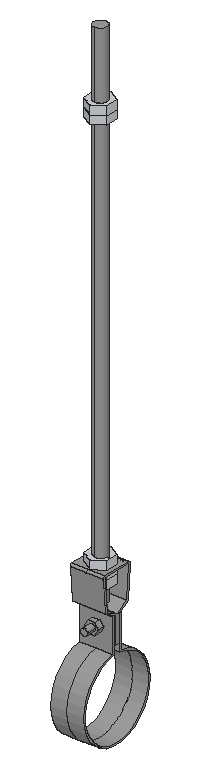
Revit family "TH_Pipe Support Omega", category Pipe Accessories, Revit 2023
Family settings
  Round Connector Dimension = Use Diameter
  Part Type = Valve - Breaks Into
  Work Plane-Based = No
  Always vertical = Yes
  Cut with Voids When Loaded = No
  Shared = No
Parameters
  TH_threaded rod [instance] = 450 mm
  System_Type [instance] = ""
  Default Elevation = 0 mm
  TH_DN [instance] = 50 mm
  TH_Threaded Rod_Width [instance] = 400 mm
Reference planes
  plane 1 "Center (Front/Back)": y = 0
  plane 2: z = 0
  plane 3 "Center (Left/Right)": x = 0
Dimensions and locks
  aligned and locked: level to plane 2
Nested families
  nested 1: "CÙM TREO-GRAVITY REVIT" at (-1, 0, 0) x (0, 1, 0) z (0, 0, 1), DN <- "TH_DN", CHIỀU DÀI TY <- "TH_Threaded Rod_Width", L_threaded rod <- "TH_threaded rod", type "CÙM TREO-GRAVITY REVIT"
    with ĐƯỜNG KÍNH TY TREO 10 mm, L_threaded rod 450 mm, H3 86.667 mm, H2 36.667 mm, H1 56.667 mm, DN 50 mm, D1 61.333 mm, CHIỀU DÀI TY 400 mm
Definition of nested family "CÙM TREO-GRAVITY REVIT"
  Parameters (values of type "CÙM TREO-GRAVITY REVIT")
    ĐƯỜNG KÍNH TY TREO [instance] = 10 mm
    W3 = 25 mm
    W2 = 6 mm
    W1 = 2 mm
    L_threaded rod [instance] = CHIỀU DÀI TY + 50 mm  # 330.5 mm
    H3 [instance] = H1 + 30 mm  # 86.667 mm
    H2 [instance] = H1 - 20 mm  # 36.667 mm
    H1 [instance] = D1 / 2 + 26 mm  # 56.667 mm
    Default Elevation = 0 mm
    DN [instance] = 50 mm
    D1 [instance] = DN + 8 mm + DN / 15  # 61.333 mm
    CHIỀU DÀI TY [instance] = 280.5 mm
  Reference planes
    plane 1 "Center (Front/Back)": y = 0
    plane 2: z = 0
    plane 3 "Center (Left/Right)": x = 0
    plane 4: z = 86.667
    plane 5: z = 56.667
    plane 6: x = 3
    plane 7: x = -3
    plane 8: x = -1
    plane 9: x = 1
    plane 10: x = 12.5
    plane 11: x = -12.5
    plane 12: z = 36.667
    plane 13: z = 46.667
    plane 14: x = 10
    plane 15: x = -10
    plane 16: x = -15
    plane 17: y = -0.576
    plane 18: y = 0.576
    plane 19: z = 280.5
    plane 20: z = 61.667
    plane 21: z = 81.667
    plane 22: z = 91.667
    plane 23: z = 61.667
    plane 24: z = -31.127
    plane 25: z = 285.5
  Forms (mm)
    Sweep 1, solid
      path origin (0, 0, 0) x (1, 0, 0) y (0, 0, 1)
        loop
          line (-3, 56.667) -> (-3, 30.52)
          arc (-3, 30.52) -> (0, -30.667) -> (3, 30.52) r 30.667
          line (3, 30.52) -> (3, 56.667)
      profile origin (0, 0, -30.667) x (0, 0, 1) y (0, -1, 0)
        loop
          line (-0.469, 0) -> (-0.469, -12.5) -> (0.531, -12.5) -> (0.531, 0) -> (0.531, 12.5) -> (-0.469, 12.5) -> (-0.469, 0)
    Sweep 2, solid
      path origin (0, 0, 0) x (1, 0, 0) y (0, 0, 1)
        loop
          line (1, 36.667) -> (1, 56.667) -> (10, 61.667) -> (11.961, 85.228)
          arc (11.961, 85.228) -> (11.86, 86.129) -> (11.13, 86.667) r 1.132
          line (11.13, 86.667) -> (-11.024, 86.667)
          arc (-11.024, 86.667) -> (-11.806, 86.277) -> (-12.038, 85.434) r 1.073
          line (-12.038, 85.434) -> (-10, 61.667) -> (-1, 56.667) -> (-1, 36.667)
      profile origin (0.053, 0, 86.667) x (0, 0, -1) y (0, -1, 0)
        loop
          line (-0.5, 0) -> (-0.5, -12.5) -> (0.5, -12.5) -> (0.5, 0) -> (0.5, 12.5) -> (-0.5, 12.5) -> (-0.5, 0)
    Extrusion 3, solid
      sketch origin (0, 0, 0) x (0, 1, 0) y (0, 0, 1)
        loop
          line (5, 46.667) -> (2.5, 50.997) -> (-2.5, 50.997) -> (-5, 46.667) -> (-2.5, 42.337) -> (2.5, 42.337) -> (5, 46.667)
      from 3 to 10
    Extrusion 4, solid
      sketch origin (0, 0, 0) x (0, 1, 0) y (0, 0, 1)
        loop
          circle (0, 46.667) r 2.5
      from -15 to 10
    Extrusion 5, solid
      sketch origin (-3, 0, 297.796) x (0, 0, 1) y (0, -1, 0)
        loop
          line (-251.129, 5) -> (-255.459, 2.5) -> (-255.459, -2.5) -> (-251.129, -5) -> (-246.799, -2.5) -> (-246.799, 2.5) -> (-251.129, 5)
      from -5 to 0
    Extrusion 6, solid
      sketch origin (0, 0, 0) x (1, 0, 0) y (0, 1, 0)
        loop
          circle (0, 0) r 5
      from 61.667 to 280.5
    Sweep 7, solid
      path origin (63, 0, 0) x (1, 0, 0) y (0, 0, 1)
        loop
          line (-63, 280.5) -> (-63, 330.5)
      profile origin (0, 0, 305.5) x (-1, 0, 0) y (0, -1, 0)
        loop
          circle (0, 0) r 5
    Extrusion 8, solid
      sketch origin (0, 41.152, -181.633) x (0, 1, 0) y (-1, 0, 0)
        loop
          line (-32.652, 4.907) -> (-41.152, 9.815) -> (-49.652, 4.907) -> (-49.652, -4.907) -> (-41.152, -9.815) -> (-32.652, -4.907) -> (-32.652, 4.907)
      from 255.5 to 261.9
    Extrusion 9, solid
      sketch origin (0, 41.152, -175.233) x (0, 1, 0) y (-1, 0, 0)
        loop
          line (-32.652, 4.907) -> (-41.152, 9.815) -> (-49.652, 4.907) -> (-49.652, -4.907) -> (-41.152, -9.815) -> (-32.652, -4.907) -> (-32.652, 4.907)
      from 255.5 to 261.9
    Extrusion 10, solid
      sketch origin (0, 41.152, -168.833) x (0, 1, 0) y (-1, 0, 0)
        loop
          line (-32.652, 4.907) -> (-41.152, 9.815) -> (-49.652, 4.907) -> (-49.652, -4.907) -> (-41.152, -9.815) -> (-32.652, -4.907) -> (-32.652, 4.907)
      from 255.5 to 261.9
    Extrusion 11, solid
      sketch origin (0, 41.152, -17.8) x (0, 1, 0) y (-1, 0, 0)
        loop
          line (-32.652, 4.907) -> (-41.152, 9.815) -> (-49.652, 4.907) -> (-49.652, -4.907) -> (-41.152, -9.815) -> (-32.652, -4.907) -> (-32.652, 4.907)
      from 285.5 to 291.9
    Extrusion 12, solid
      sketch origin (0, 41.152, -11.4) x (0, 1, 0) y (-1, 0, 0)
        loop
          line (-32.652, 4.907) -> (-41.152, 9.815) -> (-49.652, 4.907) -> (-49.652, -4.907) -> (-41.152, -9.815) -> (-32.652, -4.907) -> (-32.652, 4.907)
      from 285.5 to 291.9
  Cuts and joins
    joined: Sweep 2, Extrusion 3, Extrusion 4, Extrusion 5, Extrusion 6
  Dimensions and locks
    equal spacing: plane 7, plane 3 "Center (Left/Right)", plane 6
    equal spacing: plane 8, plane 3 "Center (Left/Right)", plane 9
    "H1": level to plane 5
    "W1": plane 8 to plane 9
    "H2": level to plane 12
    "W2": plane 7 to plane 6
    "H3": level to plane 4
    "W3": plane 11 to plane 10
    equal spacing: plane 11, plane 3 "Center (Left/Right)", plane 10
    equal spacing: plane 5, plane 13, plane 12
    locked: plane 6 to plane 14 at 7
    equal spacing: Extrusion 3 sketch curve, plane 13, Extrusion 3 sketch curve  (x3)
    equal spacing: Extrusion 3, plane 13, Extrusion 3  (x3)
    plane 15 to plane 7 = 7 mm
    locked: plane 16 to plane 15 at 5
    equal spacing: Extrusion 5 sketch curve, plane 13, Extrusion 5 sketch curve  (x3)
    equal spacing: plane 17, plane 1 "Center (Front/Back)", plane 18
    locked: plane 17 to plane 18 at 1.151
    "CHIỀU DÀI TY": level to plane 19
    locked: plane 20 to plane 4 at 25
    locked: plane 21 to plane 4 at 5
    locked: plane 4 to plane 22 at 5
    plane 23 to plane 21 = 20 mm
    equal spacing: Sweep 1 sketch curve, profile plane, Sweep 1 sketch curve
    Sweep 2 sketch curve to profile plane to Sweep 2 sketch curve = 12.5 mm, 12.5 mm
    "W3": Sweep 1 sketch curve to Sweep 1 sketch curve
    plane 4 to plane 24 = 117.793 mm
    plane 24 to plane 4 = 117.793 mm
    locked: plane 19 to plane 25 at 5
    "L_threaded rod": level to Sweep 7 sketch curve
    locked: Extrusion 9 to Extrusion 9 at 6.4
    locked: Extrusion 8 to Extrusion 9 at 6.4
    locked: Extrusion 10 to Extrusion 10 at 6.4
    locked: Extrusion 12 to plane 19 at 6.4
    locked: Extrusion 11 to Extrusion 12 at 6.4
    "D1": diameter of Sweep 1 sketch curve
    "ĐƯỜNG KÍNH TY TREO": diameter of Extrusion 6 sketch curve
    radius of Sweep 2 sketch curve = 1.073 mm
    radius of Sweep 1 = 30.135 mm
    aligned and locked: level to plane 2
    aligned and locked: plane 6 to Extrusion 3
    aligned and locked: Extrusion 3 to plane 14
    aligned and locked: plane 16 to Extrusion 4
    aligned and locked: Extrusion 4 to plane 14
    aligned and locked: plane 7 to Extrusion 5
    aligned and locked: plane 19 to Extrusion 6
    aligned and locked: Extrusion 6 to plane 23
    aligned and locked: plane 1 "Center (Front/Back)" to Sweep 7
    aligned and locked: plane 19 to Sweep 7
    aligned and locked: Extrusion 8 to Extrusion 9
    aligned and locked: plane 4 to Extrusion 9
    aligned and locked: Extrusion 9 to Extrusion 8
    aligned and locked: Extrusion 10 to plane 4
    aligned and locked: plane 4 to Extrusion 10
    aligned and locked: Extrusion 11 to Extrusion 12
    aligned and locked: Extrusion 12 to cut or joined group of Sweep 2, Extrusion 3, Extrusion 4, Extrusion 5, Extrusion 6
  Automatic sketch dimensions
    Sweep 2 sketch curve to plane 4 = 0 mm
    plane 15 to Sweep 2 sketch curve = 0 mm
    Sweep 2 sketch curve to plane 5 = 0 mm  (x2)
    plane 8 to Sweep 2 sketch curve = 0 mm
    plane 9 to Sweep 2 sketch curve = 0 mm
    plane 14 to Sweep 2 sketch curve = 0 mm
    Sweep 2 sketch curve to plane 12 = 0 mm  (x2)
    Sweep 2 sketch curve to plane 20 = 0 mm  (x2)
    plane 15 to Sweep 2 sketch curve = 0.977 mm
    plane 15 to Sweep 2 sketch curve = 1.024 mm
    Sweep 2 sketch curve to plane 11 = 0.462 mm
    Sweep 2 sketch curve to plane 14 = 0.879 mm
    Sweep 2 sketch curve to plane 14 = 1.13 mm
    plane 10 to Sweep 2 sketch curve = 0.539 mm
    Sweep 2 sketch curve to plane 4 = 1.438 mm
    Extrusion 3 sketch curve to plane 13 = 0 mm  (x2)
    plane 17 to Extrusion 3 sketch curve = 4.424 mm
    plane 17 to Extrusion 3 sketch curve = 1.924 mm  (x2)
    Extrusion 3 sketch curve to plane 18 = 1.924 mm
    Extrusion 3 sketch curve to plane 13 = 4.33 mm
    Extrusion 4 sketch curve to plane 1 "Center (Front/Back)" = 0 mm
    Extrusion 4 sketch curve to plane 13 = 0 mm
    Extrusion 5 sketch curve to plane 13 = 0 mm  (x2)
    plane 18 to Extrusion 5 sketch curve = 1.924 mm  (x2)
    plane 13 to Extrusion 5 sketch curve = 4.33 mm
    Extrusion 5 sketch curve to plane 17 = 4.424 mm
    Extrusion 5 sketch curve to plane 17 = 1.924 mm
    Sweep 2 sketch curve to plane 1 "Center (Front/Back)" = 0 mm  (x2)
    profile plane to Sweep 2 sketch curve = 0.5 mm
    Sweep 2 sketch curve to profile plane = 0.5 mm
    Sweep 7 sketch curve to profile plane = 0 mm
    profile plane to Sweep 7 sketch curve = 0 mm
    plane 1 "Center (Front/Back)" to Extrusion 8 sketch curve = 0 mm  (x2)
    Extrusion 8 sketch curve to plane 7 = 1.907 mm  (x2)
    plane 17 to Extrusion 8 sketch curve = 7.924 mm
    Extrusion 8 sketch curve to plane 18 = 7.924 mm
    Extrusion 8 sketch curve to plane 6 = 1.907 mm  (x2)
    plane 14 to Extrusion 8 sketch curve = 0.185 mm
    Extrusion 8 sketch curve to plane 15 = 0.185 mm
    plane 1 "Center (Front/Back)" to Extrusion 9 sketch curve = 0 mm  (x2)
    Extrusion 9 sketch curve to plane 7 = 1.907 mm  (x2)
    plane 17 to Extrusion 9 sketch curve = 7.924 mm
    Extrusion 9 sketch curve to plane 18 = 7.924 mm
    Extrusion 9 sketch curve to plane 6 = 1.907 mm  (x2)
    plane 14 to Extrusion 9 sketch curve = 0.185 mm
    Extrusion 9 sketch curve to plane 15 = 0.185 mm
    plane 1 "Center (Front/Back)" to Extrusion 10 sketch curve = 0 mm  (x2)
    Extrusion 10 sketch curve to plane 7 = 1.907 mm  (x2)
    plane 17 to Extrusion 10 sketch curve = 7.924 mm
    Extrusion 10 sketch curve to plane 18 = 7.924 mm
    Extrusion 10 sketch curve to plane 6 = 1.907 mm  (x2)
    plane 14 to Extrusion 10 sketch curve = 0.185 mm
    Extrusion 10 sketch curve to plane 15 = 0.185 mm
    plane 1 "Center (Front/Back)" to Extrusion 11 sketch curve = 0 mm  (x2)
    Extrusion 11 sketch curve to plane 7 = 1.907 mm  (x2)
    plane 17 to Extrusion 11 sketch curve = 7.924 mm
    Extrusion 11 sketch curve to plane 18 = 7.924 mm
    Extrusion 11 sketch curve to plane 6 = 1.907 mm  (x2)
    plane 14 to Extrusion 11 sketch curve = 0.185 mm
    Extrusion 11 sketch curve to plane 15 = 0.185 mm
    plane 1 "Center (Front/Back)" to Extrusion 12 sketch curve = 0 mm  (x2)
    Extrusion 12 sketch curve to plane 7 = 1.907 mm  (x2)
    plane 17 to Extrusion 12 sketch curve = 7.924 mm
    Extrusion 12 sketch curve to plane 18 = 7.924 mm
    Extrusion 12 sketch curve to plane 6 = 1.907 mm  (x2)
    plane 14 to Extrusion 12 sketch curve = 0.185 mm
    Extrusion 12 sketch curve to plane 15 = 0.185 mm
    Sweep 1 sketch curve to plane 7 = 0 mm
    Sweep 1 sketch curve to level = 0 mm
    Sweep 1 sketch curve to plane 3 "Center (Left/Right)" = 0 mm
    Sweep 1 sketch curve to plane 5 = 0 mm  (x2)
    plane 6 to Sweep 1 sketch curve = 0 mm
    plane 1 "Center (Front/Back)" to Extrusion 6 sketch curve = 0 mm
    Extrusion 6 sketch curve to plane 3 "Center (Left/Right)" = 0 mm
    Sweep 1 sketch curve to plane 1 "Center (Front/Back)" = 0 mm  (x2)
    profile plane to Sweep 1 sketch curve = 0.469 mm
    Sweep 1 sketch curve to profile plane = 0.531 mm
    Sweep 7 sketch curve to plane 3 "Center (Left/Right)" = 0 mm
    Sweep 7 sketch curve to plane 19 = 0 mm
    radius of Extrusion 4 sketch curve = 2.5 mm
    radius of Sweep 7 sketch curve = 5 mm
